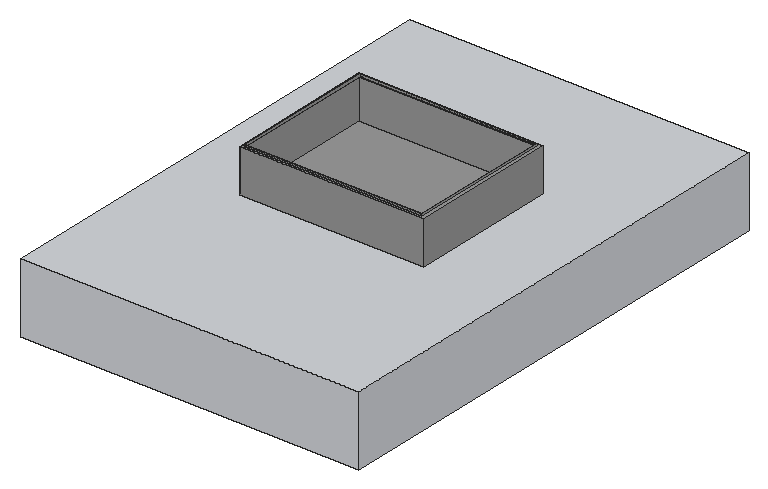
Revit family "Hager-Univers-IP30-D205-H650-Cl.II-Encl-CH-de", category Equipement électrique, Revit 2020
Family settings
  Hôte = Face
  Configuration du panneau = Deux colonnes, circuits au sein
  Cote de connecteur circulaire = Utiliser le diamètre
  Type d'élément = Tableau de raccordement
  Couper avec des vides une fois chargée = Non
  Partagée = Non
  Point de calcul de pièce = Non
Parameters (values of type "Aufputz IP30 B800 H650 T205  - FP43Q1S")
  Width Control [instance] = if([EF000008 - Breite] > Min Width, [EF000008 - Breite], Min Width)  # 800 mm
  Commentaires du type = [HG000003 - Bereich]  # "Univers"
  Thickness Door [instance] = if([EF009171 - Materialstärke Tür/Deckel] > 3 mm, 3 mm, [EF009171 - Materialstärke Tür/Deckel])  # 1 mm
  Seal Frame Offset [instance] = 17 mm  # constant formula
  Plinth Visibility [instance] = [HG000027 - Sockelhöhe] > 0 mm  # no
  Model = ""
  Min Width [instance] = 100 mm  # constant formula
  Min Height [instance] = 100 mm  # constant formula
  Min Depth [instance] = (2 * [EF009170 - Materialstärke Gehäuse]) + 1 mm  # 3 mm
  Internal Frame Depth [instance] = (Door System Depth * 0.5)  # 9 mm
  Height Control [instance] = if([EF000040 - Höhe] > Min Height, [EF000040 - Höhe], Min Height)  # 650 mm
  HG000027 - Sockelhöhe = 0 mm
  HG000026 - Stehend auf dem Boden = no
  HG000024 - Höhe des unteren Teils = 800 mm
  HG000023 - Gehäuse mit doppeltem Querschnitt = no
  HG000016 - 3D-Türsichtbarkeit [instance] = yes
  HG000015 - Sichtbarkeit der Türöffnung [instance] = no
  HG000014 - Tür rechts [instance] = yes
  HG000013 - Tür links [instance] = not([HG000014 - Tür rechts])  # no
  HG000012 - Türschwenkwinkel [instance] = 30.00°
  HG000010 - Asymmetrische Türen = no
  HG000009 - Doppelflügeligen Tür = no
  HG000006 - Unterputz = no
  HG000004 - Herstellerreferenz = "FP43Q1S"
  HG000003 - Bereich = "Univers"
  HG000002 - Mit tür = no
  Frame Offset Bottom [instance] = 10 mm  # constant formula
  Frame Offset [instance] = 15 mm  # constant formula
  EF015940 - Deckel mit Überdruckentlastung = no
  EF011959 - Schutzart (NEMA) = ""
  EF009554 - Anzahl der Öffnungen für Flanschplatten = 6
  Fabricant = "Hager"  # constant formula
  EF009212 - Ausführung Deckel = "EV009916 - mit Ausschnitt"
  EF009171 - Materialstärke Tür/Deckel = 1 mm
  EF009170 - Materialstärke Gehäuse = 1 mm
  EF008873 - Nennstrom (In) = 250 A
  EF007800 - Geeignet für Blitzschutz = no
  EF006306 - Mit Schloss = no
  EF006244 - Transparenter Deckel/Tür = no
  EF005474 - Schutzart (IP) = "EV006410 - IP30"
  EF004464 - Art der Tür = "EV000494 - ohne"
  EF004427 - Anzahl der Module = 144
  EF004293 - Schlagfestigkeit = "EV006813 - IK07"
  EF003532 - Geeignet für Außengebrauch = no
  EF002950 - Breite in Teilungseinheiten = 36
  EF001613 - Funktionserhalt = "EV000494 - ohne"
  EF001596 - Werkstoff des Gehäuses = "EV000179 - Stahl"
  EF001131 - Innentiefe = 130 mm
  EF001088 - Anbaumöglichkeit = yes
  EF000437 - Anzahl der Leitungseinführungen = 6
  EF000339 - Art der Abdeckung = "EV000494 - ohne"
  EF000266 - Anzahl der Reihen = 4
  EF000218 - Einbautiefe = 0 mm
  EF000118 - Mit Montageplatte = no
  EF000116 - RAL-Nummer = "9010"
  EF000049 - Tiefe = 205 mm
  EF000040 - Höhe = 650 mm
  EF000008 - Breite = 800 mm
  EF000007 - Farbe = "EV000202 - weiß"
  EF000003 - Montageart = "EV000384 - Aufputz"
  Door System Leaf Tolerance [instance] = 1.5 mm  # constant formula
  Door System Depth [instance] = 18 mm  # constant formula
  Door Height [instance] = Height Control - [HG000027 - Sockelhöhe]  # 650 mm
  Depth Control [instance] = if([EF000049 - Tiefe] > Min Depth, [EF000049 - Tiefe], Min Depth)  # 205 mm
  Default Elevation = 0 mm
  Connector Offset [instance] = Height Control / 2  # 325 mm
  Bottom Top Plate Trim [instance] = 1.5 mm  # constant formula
  Plinth height Ctrl [instance] = if([HG000027 - Sockelhöhe] > 0 mm, [HG000027 - Sockelhöhe], 12 mm)  # 12 mm
Types (5, lengths in mm): name | Width Control | HG000004 - Herstellerreferenz | EF009554 - Anzahl der Öffnungen für Flanschplatten | EF004427 - Anzahl der Module | EF002950 - Breite in Teilungseinheiten | EF000437 - Anzahl der Leitungseinführungen | EF000008 - Breite
  Aufputz IP30 B1050 H650 T205  - FP44Q1S | 1050 | "FP44Q1S" | 8 | 192 | 48 | 8 | 1050
  Aufputz IP30 B1300 H650 T205  - FP45Q1S | 1300 | "FP45Q1S" | 10 | 240 | 60 | 10 | 1300
  Aufputz IP30 B300 H650 T205  - FP41Q1S | 300 | "FP41Q1S" | 2 | 48 | 12 | 2 | 300
  Aufputz IP30 B550 H650 T205  - FP42Q1S | 550 | "FP42Q1S" | 4 | 96 | 24 | 4 | 550
  Aufputz IP30 B800 H650 T205  - FP43Q1S | 800 | "FP43Q1S" | 6 | 144 | 36 | 6 | 800
Reference planes
  plane 1 "Center (Front/Back)": y = 0
  plane 2: z = 0
  plane 3 "Center (Left/Right)": x = 0
  plane 4: z = 205
  plane 5: y = 1
  plane 6: y = 325
  plane 7: y = 0
  plane 8: y = 650
  plane 9: z = 0
  plane 10: x = -385
  plane 11: x = 385
  plane 12: x = 384
  plane 13: x = -384
  plane 14: y = 649
  plane 15: x = -383
  plane 16: x = -400
  plane 17: x = 383
  plane 18: x = 400
  plane 19: x = 399
  plane 20: x = -399
  plane 21: y = 11
  plane 22: y = 650
  plane 23: y = 634
  plane 24: z = 187
  plane 25: z = 1
  plane 26: z = 186
  plane 27: z = 204
Forms (mm)
  Extrusion 1, solid
    sketch origin (0, 0, 0) x (1, 0, 0) y (0, 1, 0)
      loop
        line (-702.964, 1305) -> (-702.964, -811.445) -> (766.763, -811.445) -> (766.763, 1305) -> (-702.964, 1305)
    from 0 to -304.8
  Extrusion 2, solid, material "Hager_Steel_RAL7035_Light_Grey", visible <- "Plinth Visibility", detail levels medium+fine
    sketch origin (0, 0, 0) x (1, 0, 0) y (0, 1, 0)
      loop
        line (-400, 0) -> (400, 0) -> (400, 12) -> (-400, 12) -> (-400, 0)
    from 0 to 187
  Extrusion 3, solid, material "Hager_Steel_RAL7035_Light_Grey", detail levels medium+fine
    sketch origin (0, 0, 0) x (1, 0, 0) y (0, 1, 0)
      loop
        line (-400, 0) -> (400, 0) -> (400, 650) -> (-400, 650) -> (-400, 0)
    from 0 to 187
  Extrusion 4, void
    sketch origin (0, 0, 0) x (1, 0, 0) y (0, 1, 0)
      loop
        line (-399, 1) -> (399, 1) -> (399, 649) -> (-399, 649) -> (-399, 1)
    from 1 to 186
  Extrusion 5, void
    sketch origin (-381.607, -4572, 187) x (0, -1, 0) y (-1, 0, 0)
      loop
        line (-4583, 2.393) -> (-5206, 2.393) -> (-5206, -765.607) -> (-4583, -765.607) -> (-4583, 2.393)
    from 0 to 1 <- "EF009170 - Materialstärke Gehäuse"
  Extrusion 6, solid, material "Hager_Steel_RAL7035_Light_Grey", detail levels fine
    sketch origin (0, 0, 187) x (1, 0, 0) y (0, 1, 0)
      loop
        line (-384, 634) -> (-384, 11) -> (384, 11) -> (384, 634) -> (-384, 634)
      loop
        line (-385, 10) -> (385, 10) -> (385, 635) -> (-385, 635) -> (-385, 10)
    from 0 to 9 <- "Internal Frame Depth"
  Extrusion 7, solid, material "Hager_Steel_RAL7035_Light_Grey", detail levels coarse
    sketch origin (0, 0, 0) x (1, 0, 0) y (0, 1, 0)
      loop
        line (-400, 0) -> (400, 0) -> (400, 650) -> (-400, 650) -> (-400, 0)
    from 0 to 205
  Sweep 8, void
    path in 3D
      loop
        line (-400, 12, 0) -> (400, 12, 0) -> (400, 12, 187) -> (-400, 12, 187) -> (-400, 12, 0)
    profile origin (-400, 12, 93.5) x (-1, 0, 0) y (0, -1, 0)
      loop
        line (0, 0) -> (0, 1.5) -> (-1.5, 1.5)
        arc (-1.5, 1.5) -> (-1.061, 0.439) -> (0, 0) r 1.5
Cuts and joins
  Extrusion 4, Extrusion 5 cuts Extrusion 3
  Sweep 8 cuts Extrusion 2
Lines and regions (mm)
  Masking region 1
    outline origin (0, 0, 0) x (1, 0, 0) y (0, 0, 1)
      loop
        line (-400, 205) -> (-400, 0) -> (400, 0) -> (400, 205) -> (-400, 205)
  Masking region 2, detail levels medium+fine
    outline origin (0, 140, 0) x (0, 1, 0) y (0, 0, 1)
      loop
        line (-140, 0) -> (510, 0) -> (510, 187) -> (-140, 187) -> (-140, 0)
  Masking region 3, not visible, detail levels medium+fine
    outline origin (0, 297.922, 0) x (0, 1, 0) y (0, 0, 1)
      loop
        line (38.578, 0) -> (78.578, 0) -> (78.578, 194)
        arc (78.578, 194) -> (75.649, 201.071) -> (68.578, 204) r 10
        line (68.578, 204) -> (38.578, 204) -> (38.578, 0)
  Masking region 4, detail levels coarse
    outline origin (0, 0, 180) x (0, 1, 0) y (0, 0, 1)
      loop
        line (0, -180) -> (650, -180) -> (650, 25) -> (0, 25) -> (0, -180)
  Masking region 5, visible <- "Plinth Visibility", detail levels medium+fine
    outline origin (0, 52.24, 12.345) x (0, 0, -1) y (0, 1, 0)
      loop
        line (10.845, -40.24) -> (-173.155, -40.24)
        arc (-173.155, -40.24) -> (-173.594, -41.301) -> (-174.655, -41.74) r 1.5
        line (-174.655, -41.74) -> (-174.655, -52.24) -> (12.345, -52.24) -> (12.345, -41.74)
        arc (12.345, -41.74) -> (11.285, -41.301) -> (10.845, -40.24) r 1.5
  Masking region 6, detail levels medium+fine
    outline origin (-381.607, -4572, 187) x (-1, 0, 0) y (0, -1, 0)
      loop
        line (18.393, -5222) -> (18.393, -4572) -> (-781.607, -4572) -> (-781.607, -5222) -> (18.393, -5222)
  Masking region 7, visible <- "Plinth Visibility", detail levels medium+fine
    outline origin (-381.607, -4727, 187) x (-1, 0, 0) y (0, -1, 0)
      loop
        arc (16.893, -4739) -> (17.332, -4737.939) -> (18.393, -4737.5) r 1.5
        line (18.393, -4737.5) -> (18.393, -4727) -> (-781.607, -4727) -> (-781.607, -4737.5)
        arc (-781.607, -4737.5) -> (-780.546, -4737.939) -> (-780.107, -4739) r 1.5
        line (-780.107, -4739) -> (16.893, -4739)
  Masking region 8, detail levels coarse
    outline origin (-442.548, -4669.526, 187) x (-1, 0, 0) y (0, -1, 0)
      loop
        line (-42.548, -5319.526) -> (-42.548, -4669.526) -> (-842.548, -4669.526) -> (-842.548, -5319.526) -> (-42.548, -5319.526)
  sketch lines
    curve 1: line (-400, 12, 187) -> (-400, 12, 0)
    curve 2: line (400, 12, 187) -> (-400, 12, 187)
    curve 3: line (400, 12, 187) -> (400, 12, 0)
    curve 4: line (-400, 12, 0) -> (400, 12, 0)
Dimensions and locks
  "Depth Control": plane 4 to Extrusion 1
  "HG000027 - Sockelhöhe": plane 1 "Center (Front/Back)" to plane 7
  "EF009170 - Materialstärke Gehäuse": plane 5 to plane 7
  locked: connector elem to plane 3 "Center (Left/Right)"
  equal spacing: plane 8, plane 6, plane 7
  locked: connector elem to plane 6
  "EF009170 - Materialstärke Gehäuse": plane 8 to plane 14
  "EF009170 - Materialstärke Gehäuse": plane 10 to plane 13
  "EF009170 - Materialstärke Gehäuse": plane 12 to plane 11
  "Frame Offset": plane 20 to plane 13
  "Frame Offset": plane 12 to plane 19
  "EF009170 - Materialstärke Gehäuse": plane 16 to plane 20
  "EF009170 - Materialstärke Gehäuse": plane 19 to plane 18
  "Seal Frame Offset": plane 16 to plane 15
  "Seal Frame Offset": plane 17 to plane 18
  "Frame Offset Bottom": plane 21 to plane 5
  "Frame Offset": plane 14 to plane 23
  equal spacing: plane 16, plane 3 "Center (Left/Right)", plane 18
  "Width Control": plane 16 to plane 18
  "EF009170 - Materialstärke Gehäuse": plane 4 to plane 27
  "EF009170 - Materialstärke Gehäuse": plane 24 to plane 26
  "EF009170 - Materialstärke Gehäuse": plane 25 to level
  "Door System Depth": plane 4 to plane 24
  "Height Control": plane 1 "Center (Front/Back)" to Extrusion 7 sketch curve
  "Height Control": Masking region 4 sketch curve to plane 1 "Center (Front/Back)"
  "Height Control": plane 1 "Center (Front/Back)" to plane 22
  "Bottom Top Plate Trim": profile plane to Sweep 8 sketch curve
  "Bottom Top Plate Trim": Sweep 8 sketch curve to profile plane
  "Plinth height Ctrl": plane 1 "Center (Front/Back)" to Extrusion 2 sketch curve
  "Plinth height Ctrl": Masking region 5 sketch curve to plane 1 "Center (Front/Back)"
  "Plinth height Ctrl": plane 1 "Center (Front/Back)" to Masking region 7 sketch curve
  "Thickness Door": Extrusion 6 sketch curve to Extrusion 6 sketch curve  (x3)
  "Thickness Door": cut or joined group of Extrusion 3, Extrusion 4, Extrusion 5 to Extrusion 6 sketch curve
  radius of Masking region 3 sketch curve = 10 mm
  "Bottom Top Plate Trim": radius of Masking region 5 sketch curve  (x2)
  "Bottom Top Plate Trim": radius of Sweep 8 sketch curve
  "Bottom Top Plate Trim": radius of Masking region 7 sketch curve  (x2)
  aligned and locked: plane 2 to Extrusion 1
  aligned and locked: level to Extrusion 1
  aligned and locked: level to Masking region 1 sketch curve
  aligned and locked: Masking region 1 sketch curve to plane 18
  aligned and locked: Masking region 1 sketch curve to plane 16
  aligned and locked: plane 7 to Masking region 2 sketch curve
  aligned and locked: level to Masking region 3 sketch curve
  aligned and locked: Masking region 3 sketch curve to plane 27
  aligned and locked: level to Masking region 2 sketch curve
  aligned and locked: plane 1 "Center (Front/Back)" to Extrusion 2 sketch curve
  aligned and locked: Extrusion 3 sketch curve to plane 7
  aligned and locked: plane 16 to Extrusion 3 sketch curve
  aligned and locked: plane 18 to Extrusion 3 sketch curve
  aligned and locked: plane 20 to Extrusion 4 sketch curve
  aligned and locked: plane 19 to Extrusion 4 sketch curve
  aligned and locked: Extrusion 4 sketch curve to plane 5
  aligned and locked: Extrusion 4 to plane 25
  aligned and locked: plane 26 to Extrusion 4
  aligned and locked: plane 24 to Extrusion 3
  aligned and locked: Extrusion 5 sketch curve to plane 21
  aligned and locked: Extrusion 5 sketch curve to plane 13
  aligned and locked: Extrusion 5 sketch curve to plane 12
  aligned and locked: plane 18 to Extrusion 7 sketch curve
  aligned and locked: plane 1 "Center (Front/Back)" to Extrusion 7 sketch curve
  aligned and locked: plane 16 to Extrusion 7 sketch curve
  aligned and locked: plane 4 to Extrusion 7
  aligned and locked: Extrusion 7 to level
  aligned and locked: level to Masking region 4 sketch curve
  aligned and locked: Masking region 4 sketch curve to plane 1 "Center (Front/Back)"
  aligned and locked: Masking region 4 sketch curve to plane 4
  aligned and locked: nested 1 to level
  aligned and locked: nested 1 to plane 16
  aligned and locked: plane 8 to Extrusion 3 sketch curve
  aligned and locked: plane 23 to Extrusion 5 sketch curve
  aligned and locked: plane 14 to Extrusion 4 sketch curve
  aligned and locked: Masking region 2 sketch curve to plane 8
  aligned and locked: level to Masking region 5 sketch curve
  aligned and locked: plane 16 to Extrusion 2 sketch curve
  aligned and locked: plane 18 to Extrusion 2 sketch curve
  aligned and locked: Masking region 5 sketch curve to plane 24
  aligned and locked: Masking region 2 sketch curve to plane 24
  aligned and locked: plane 24 to Extrusion 2
  aligned and locked: profile plane to Sweep 8 sketch curve  (x2)
  aligned and locked: Masking region 6 sketch curve to plane 18
  aligned and locked: Masking region 6 sketch curve to plane 22
  aligned and locked: Masking region 6 sketch curve to plane 16
  aligned and locked: plane 8 to plane 22
  aligned and locked: Masking region 6 sketch curve to plane 7
  aligned and locked: Masking region 7 sketch curve to plane 16
  aligned and locked: Masking region 7 sketch curve to plane 1 "Center (Front/Back)"
  aligned and locked: Masking region 7 sketch curve to plane 18
  aligned and locked: Masking region 8 sketch curve to plane 1 "Center (Front/Back)"
  aligned and locked: Masking region 8 sketch curve to plane 18
  aligned and locked: Masking region 8 sketch curve to plane 22
  aligned and locked: Masking region 8 sketch curve to plane 16
  aligned and locked: nested 2 to plane 7
  aligned and locked: plane 3 "Center (Left/Right)" to nested 2
  aligned and locked: nested 2 to plane 24
  aligned and locked: Extrusion 6 sketch curve to cut or joined group of Extrusion 3, Extrusion 4, Extrusion 5  (x4)
Automatic sketch dimensions
  Extrusion 1 sketch curve to Extrusion 1 sketch curve = 1469.727 mm
  Extrusion 1 sketch curve to Extrusion 1 sketch curve = 2116.445 mm
  Masking region 1 sketch curve to plane 4 = 0 mm
  plane 6 to Masking region 3 sketch curve = 11.5 mm
  Masking region 3 sketch curve to Masking region 3 sketch curve = 30 mm
  Masking region 5 sketch curve to plane 1 "Center (Front/Back)" = 0 mm
Nested families
  nested 1: "Hager_Enclosure_Symbol" at (-400, 0, 0) x (1, 0, 0) z (0, -1, 0), Height <- "Depth Control", Width <- "Width Control", type "Hager_Enclosure_Symbol"
    with Width_Ctrl 800 mm, Width 800 mm, Height_Ctrl 205 mm, Height 205 mm, A_Width_Int 13.453 mm, A_Width 161.438 mm, A_Height_Ctrl 179.375 mm, A_Height 179.375 mm
  nested 2: "EC000058_Univers_Door" at (0, 0, 187) x (1, 0, 0) z (0, 1, 0), Leaf_Tolerance <- "Door System Leaf Tolerance", Angle <- "HG000012 - Türschwenkwinkel", Door_Depth <- "Door System Depth", Door_Left <- "HG000013 - Tür links", Transparent <- "EF006244 - Transparenter Deckel/Tür", Assymetrical <- "HG000010 - Asymmetrische Türen", Width <- "Width Control", Clearance <- "HG000015 - Sichtbarkeit der Türöffnung", Double <- "HG000009 - Doppelflügeligen Tür", 3d_Door <- "HG000016 - 3D-Türsichtbarkeit", Lock_Visibility <- "EF006306 - Mit Schloss", Width_Ctrl <- "Width Control", Door_Right <- "HG000014 - Tür rechts", Door <- "HG000002 - Mit tür", Height <- "Door Height", Thickness <- "Thickness Door", type "EC000058_Univers_Door", detail levels medium+fine
    with min_wh 3 mm, Width_Ctrl 800 mm, Width 800 mm, Transparent no, Thickness 1 mm, Seal_Material Hager_Rubber, Lock_Visibility no, Lock_Material Hager_Plastic_RAL9005_Jet_Black, Leaf_Width 800 mm, Leaf_Tolerance_External_Sides 0 mm, Leaf_Tolerance 1.5 mm, Leaf_Offset 0 mm, Leaf_Height 647 mm, Leaf_2_Width 800 mm, Leaf_2_Offset 400 mm, Leaf_1_Width 800 mm, Leaf_1_Offset 400 mm, Height_Ctrl 650 mm, Height 650 mm, Glass_Material Hager_Glass, Double_Clearance_Ctrl no, Double no, Door_Right_Ctrl no, Door_Right yes, Door_Material Hager_Steel_RAL7035_Light_Grey, Door_Left_Ctrl no, Door_Left no, Door_Depth 18 mm, Door no, Clearance_Material Hager_Clearance, Clearance_Depth 800 mm, Clearance_Ctrl no, Clearance no, Assymetrical no, Angle 30.00°, 3d_Door yes
Connectors
  electrical at (0, 325, 0)
    settings: on plane 9, index 1, voltage 0 V, apparent load 0 VA, apparent load phase1 0 VA, apparent load phase2 0 VA, apparent load phase3 0 VA, power factor 1, load classification "Other", number of poles 1, system type 30, power factor state 1, is connector primary yes, connector utility no, sub classification motor no, connector description ""
Definition of nested family "Hager_Enclosure_Symbol"
  Parameters (values of type "Hager_Enclosure_Symbol")
    Width_Ctrl [instance] = if(Width > 1 mm, Width, 1 mm)  # 102.27 mm
    Width [instance] = 102.27 mm
    Height_Ctrl [instance] = if(Height > 1 mm, Height, 1 mm)  # 66.5 mm
    A_Width_Int [instance] = if(A_Width / 12 > 2 mm, A_Width / 12, 2 mm)  # 4.364 mm
    A_Width [instance] = if(A_Height_Ctrl * 0.9 > 2 mm, A_Height_Ctrl * 0.9, 2 mm)  # 52.369 mm
    A_Height_Ctrl [instance] = if(A_Height > 2 mm, A_Height, 2 mm)  # 58.188 mm
    Height [instance] = 66.5 mm
    A_Height [instance] = Height - (Height / 8)  # 58.188 mm
  Reference planes
    plane 1 "Centre (avant/arrière)": y = 0
    plane 2: z = 0
    plane 3 "Centre (gauche/droite)": x = 0
    plane 4: x = 52.369
    plane 5: y = 33.042
    plane 6: y = 41.77
    plane 7: y = 66.5
    plane 8: x = 26.184
    plane 9: y = 37.406
    plane 10: x = 102.27
    plane 11: y = 66.5
    plane 12: y = 8.313
  Lines and regions (mm)
    Filled region 1, type "Solid_Black", in view "Niveau de réf."
      outline origin (0, 0, 0) x (1, 0, 0) y (0, 1, 0)
        loop
          line (52.369, 66.5) -> (33.188, 54.536) -> (45.365, 45.006) -> (52.369, 66.5)
    Filled region 2, type "Solid_Black", in view "Niveau de réf."
      outline origin (0, 0, 0) x (1, 0, 0) y (0, 1, 0)
        loop
          line (0, 0) -> (102.27, 0) -> (102.27, 66.5) -> (0, 0)
    detail lines, in view "Niveau de réf."
      curve 1: line (0, 8.313, 0) -> (26.184, 41.77, 0)
      curve 2: line (26.184, 41.77, 0) -> (26.184, 33.042, 0)
      curve 3: line (26.184, 33.042, 0) -> (52.369, 66.5, 0)
  Dimensions and locks
    "A_Width": plane 3 "Centre (gauche/droite)" to plane 4
    equal spacing: plane 3 "Centre (gauche/droite)", plane 8, plane 4
    equal spacing: plane 6, plane 9, plane 5
    equal spacing: curve 3, Filled region 1 sketch curve, Filled region 1 sketch curve
    "Height_Ctrl": plane 1 "Centre (avant/arrière)" to plane 11
    "A_Height_Ctrl": plane 11 to plane 12
    equal spacing: plane 11, plane 9, plane 12
    "A_Width_Int": plane 6 to plane 9
    "Width_Ctrl": plane 3 "Centre (gauche/droite)" to plane 10
    angle Filled region 1 sketch curve to curve 3 = 20.00°
    angle curve 3 to Filled region 1 sketch curve = 20.00°
    locked: curve 3 to Filled region 1 sketch curve (angle 90.00°)
    aligned and locked: plane 10 to Filled region 2
    aligned and locked: plane 11 to Filled region 2 sketch curve
    aligned and locked: plane 10 to Filled region 2 sketch curve
    aligned and locked: plane 3 "Centre (gauche/droite)" to curve 1
    aligned and locked: plane 12 to curve 1
    aligned and locked: plane 7 to plane 11
  Automatic sketch dimensions
    Filled region 1 sketch curve to plane 4 = 0 mm
    Filled region 1 sketch curve to plane 7 = 0 mm
    plane 1 "Centre (avant/arrière)" to Filled region 2 sketch curve = 0 mm
    Filled region 2 sketch curve to plane 3 "Centre (gauche/droite)" = 0 mm
    curve 2 to plane 6 = 0 mm
    curve 2 to plane 8 = 0 mm
    curve 3 to plane 4 = 0 mm
    curve 2 to plane 5 = 0 mm
    curve 3 to plane 7 = 0 mm
Definition of nested family "EC000058_Univers_Door"
  Parameters (values of type "EC000058_Univers_Door")
    min_wh [instance] = (2 * Thickness) + 1 mm  # 11 mm
    Width_Ctrl [instance] = 400 mm
    Width [instance] = 500 mm
    Transparent [instance] = yes
    Thickness [instance] = 5 mm
    Seal_Material [instance] = none
    Lock_Visibility [instance] = yes
    Lock_Material [instance] = none
    Leaf_Width [instance] = if((Width_Ctrl - 2 * Leaf_Tolerance_External_Sides) > 0 mm, (Width_Ctrl - 2 * Leaf_Tolerance_External_Sides), min_wh)  # 400 mm
    Leaf_Tolerance_External_Sides [instance] = 0 mm  # constant formula
    Leaf_Tolerance [instance] = 1.5 mm
    Leaf_Offset [instance] = 0 mm  # constant formula
    Leaf_Height [instance] = if((Height_Ctrl - 2 * Leaf_Tolerance) > 0 mm, (Height_Ctrl - 2 * Leaf_Tolerance), min_wh)  # 497 mm
    Leaf_2_Width [instance] = if(and(and(Double, Assymetrical), Door_Left), (Leaf_Width / 3) - (Leaf_Tolerance / 2), if(and(and(Double, Assymetrical), Door_Right), (Leaf_Width / 3) * 2 - (Leaf_Tolerance / 2), if(and(Double, not(Assymetrical)), (Leaf_Width / 2) - Leaf_Tolerance, Leaf_Width)))  # 400 mm
    Leaf_2_Offset [instance] = if(and(Double, Assymetrical), Leaf_2_Width / 2, if(and(Double, not(Assymetrical)), Leaf_Width / 4, Leaf_Width / 2))  # 200 mm
    Leaf_1_Width [instance] = if(and(and(Double, Assymetrical), Door_Right), (Leaf_Width / 3) - (Leaf_Tolerance / 2), if(and(and(Double, Assymetrical), Door_Left), (Width / 3) * 2 - (Leaf_Tolerance / 2), if(and(Double, not(Assymetrical)), (Leaf_Width / 2) - Leaf_Tolerance, Leaf_Width)))  # 400 mm
    Leaf_1_Offset [instance] = if(and(Double, Assymetrical), Leaf_1_Width / 2, if(and(Double, not(Assymetrical)), Leaf_Width / 4, Leaf_Width / 2))  # 200 mm
    Height_Ctrl [instance] = if(Height > min_wh, Height, min_wh)  # 500 mm
    Height [instance] = 500 mm
    Glass_Material [instance] = none
    Double_Clearance_Ctrl [instance] = and(Double, Clearance)  # no
    Double [instance] = no
    Door_Right_Ctrl [instance] = and(or(Door_Right, Double), Door)  # yes
    Door_Right [instance] = yes
    Door_Material [instance] = none
    Door_Left_Ctrl [instance] = and(or(Door_Left, Double), Door)  # no
    Door_Left [instance] = no
    Door_Depth [instance] = 30 mm
    Door [instance] = yes
    Default Elevation = 1219.2 mm
    Clearance_Material [instance] = none
    Clearance_Depth [instance] = if(Leaf_1_Width > Leaf_2_Width, Leaf_1_Width, Leaf_2_Width)  # 400 mm
    Clearance_Ctrl [instance] = and(not(Double), Clearance)  # yes
    Clearance [instance] = yes
    Assymetrical [instance] = yes
    Angle [instance] = 30.00°
    3d_Door [instance] = yes
  Reference planes
    plane 1 "Center (Front/Back)": y = 0
    plane 2 "Bottom": z = 0
    plane 3 "Center (Left/Right)": x = 0
    plane 4: z = 500
    plane 5: x = -200
    plane 6: x = 200
    plane 7: z = 500
    plane 8: x = -200
    plane 9: z = 0
    plane 10: x = 200
    plane 11: y = 0
    plane 12: z = 1.5
    plane 13: x = -600
    plane 14: y = -400
    plane 15: x = 600
    plane 16: x = 0
    plane 17: x = 0
    plane 18: x = -200
    plane 19: x = 200
    plane 20: z = 498.5
  Forms (mm)
    Extrusion 1, solid, material <- "Clearance_Material", visible <- "Double_Clearance_Ctrl"
      sketch origin (1200, 0, 0) x (1, 0, 0) y (0, 0, -1)
        loop
          line (-1800, -498.5) -> (-600, -498.5) -> (-600, 0) -> (-1800, 0) -> (-1800, -498.5)
      from 0 to -400
  Dimensions and locks
    equal spacing: plane 5, plane 3 "Center (Left/Right)", plane 6
    "Width_Ctrl": plane 5 to plane 6
    "Leaf_Offset": plane 5 to plane 8
    "Leaf_Offset": plane 6 to plane 10
    "Leaf_Offset": plane 9 to level
    "Leaf_Offset": plane 4 to plane 7
    "Height_Ctrl": plane 4 to level
    "Leaf_Tolerance": plane 12 to plane 9
    locked: plane 11 to plane 1 "Center (Front/Back)"
    "Leaf_1_Offset": plane 18 to plane 16
    "Leaf_2_Offset": plane 17 to plane 19
    "Leaf_1_Width": plane 13 to plane 8
    "Leaf_2_Width": plane 10 to plane 15
    "Clearance_Depth": plane 14 to plane 1 "Center (Front/Back)"
    "Leaf_Tolerance_External_Sides": plane 8 to plane 18
    "Leaf_Tolerance_External_Sides": plane 19 to plane 10
    "Leaf_Tolerance": plane 7 to plane 20
    aligned and locked: level to plane 2 "Bottom"
    aligned and locked: nested 1 to plane 16
    aligned and locked: nested 2 to plane 17
    aligned and locked: Extrusion 1 to plane 13
    aligned and locked: plane 15 to Extrusion 1
    aligned and locked: Extrusion 1 to plane 14
    aligned and locked: plane 12 to nested 1
    aligned and locked: nested 2 to plane 12
    aligned and locked: Extrusion 1 to plane 11
    aligned and locked: plane 20 to Extrusion 1
    aligned and locked: nested 2 to plane 11
    aligned and locked: nested 1 to plane 11
  Automatic sketch dimensions
    Extrusion 1 sketch curve to level = 0 mm
    plane 5 to Extrusion 1 sketch curve = 400 mm
    plane 6 to Extrusion 1 sketch curve = 400 mm
    Extrusion 1 sketch curve to plane 4 = 1.5 mm
  Nested families
    nested 1: "EC000058_Univers_Door_Leaf" at (0, 0, 1.5), Width <- "Leaf_1_Width", visible <- "Door_Left_Ctrl", Leaf_Height <- "Leaf_Height", Angle <- "Angle", 3d_Door <- "3d_Door", Transparent <- "Transparent", Clearance Material <- "Clearance_Material", Clearance <- "Clearance_Ctrl", Door_Material <- "Door_Material", Glass_Material <- "Glass_Material", Door_Depth <- "Door_Depth", Lock_Material <- "Lock_Material", Seal_Material <- "Seal_Material", Lock_Visibility <- "Lock_Visibility", Thickness <- "Thickness", type "EC000058_Univers_Door_Leaf"
      with Width 400 mm, Transparent_Glass_Offset 30 mm, Transparent_Ctrl yes, Transparent yes, Thickness 5 mm, Standard no, Seal_Material none, Seal_D2 8 mm, Seal_D1 1 mm, Offset_Internal_Frame 10 mm, Lock_Width 20 mm, Lock_Visibility_3d yes, Lock_Visibility yes, Lock_Thickness_3 3 mm, Lock_Thickness_2 1 mm, Lock_Thickness_1 3 mm, Lock_Radius_Offset_2 16 mm, Lock_Radius_Offset_1 15 mm, Lock_Radius_2 5 mm, Lock_Radius 6 mm, Lock_Offset 5 mm, Lock_Material none, Lock_Height 80 mm, Lock_Cover_Top_Offset_2d 17 mm, Lock_Cover_Height -65 mm, Leaf_Height 497 mm, Internal_Seal_Thickness 8 mm, Internal_Seal_Depth_2 4.5 mm, Internal_Frame_Depth 25 mm, Glass_Thickness -1 mm, Glass_Offset -2 mm, Glass_Material none, Door_Material none, Door_Depth 30 mm, Clearance Material none, Clearance yes, Angle_Ctrl 30.00°, Angle 30.00°, 3d_Door yes
    nested 2: "EC000058_Univers_Door_Leaf" at (0, 0, 1.5) x (-1, 0, 0) z (0, 0, 1), Width <- "Leaf_2_Width", visible <- "Door_Right_Ctrl", Leaf_Height <- "Leaf_Height", Angle <- "Angle", 3d_Door <- "3d_Door", Transparent <- "Transparent", Clearance Material <- "Clearance_Material", Clearance <- "Clearance_Ctrl", Door_Material <- "Door_Material", Glass_Material <- "Glass_Material", Door_Depth <- "Door_Depth", Lock_Material <- "Lock_Material", Seal_Material <- "Seal_Material", Lock_Visibility <- "Lock_Visibility", Thickness <- "Thickness", type "EC000058_Univers_Door_Leaf"
      with Width 400 mm, Transparent_Glass_Offset 30 mm, Transparent_Ctrl yes, Transparent yes, Thickness 5 mm, Standard no, Seal_Material none, Seal_D2 8 mm, Seal_D1 1 mm, Offset_Internal_Frame 10 mm, Lock_Width 20 mm, Lock_Visibility_3d yes, Lock_Visibility yes, Lock_Thickness_3 3 mm, Lock_Thickness_2 1 mm, Lock_Thickness_1 3 mm, Lock_Radius_Offset_2 16 mm, Lock_Radius_Offset_1 15 mm, Lock_Radius_2 5 mm, Lock_Radius 6 mm, Lock_Offset 5 mm, Lock_Material none, Lock_Height 80 mm, Lock_Cover_Top_Offset_2d 17 mm, Lock_Cover_Height -65 mm, Leaf_Height 497 mm, Internal_Seal_Thickness 8 mm, Internal_Seal_Depth_2 4.5 mm, Internal_Frame_Depth 25 mm, Glass_Thickness -1 mm, Glass_Offset -2 mm, Glass_Material none, Door_Material none, Door_Depth 30 mm, Clearance Material none, Clearance yes, Angle_Ctrl 30.00°, Angle 30.00°, 3d_Door yes
  Definition of nested family "EC000058_Univers_Door_Leaf"
    Parameters (values of type "EC000058_Univers_Door_Leaf")
      Width [instance] = 2000 mm
      Transparent_Glass_Offset [instance] = 30 mm
      Transparent_Ctrl [instance] = and(Transparent, [3d_Door])  # yes
      Transparent [instance] = yes
      Thickness [instance] = 5 mm
      Standard [instance] = and(not(Transparent), [3d_Door])  # no
      Seal_Material [instance] = none
      Seal_D2 [instance] = 8 mm  # constant formula
      Seal_D1 [instance] = 1 mm  # constant formula
      Offset_Internal_Frame [instance] = 10 mm  # constant formula
      Lock_Width [instance] = 20 mm  # constant formula
      Lock_Visibility_3d [instance] = and(Lock_Visibility, [3d_Door])  # yes
      Lock_Visibility [instance] = yes
      Lock_Thickness_3 [instance] = 3 mm  # constant formula
      Lock_Thickness_2 [instance] = 1 mm  # constant formula
      Lock_Thickness_1 [instance] = 3 mm  # constant formula
      Lock_Radius_Offset_2 [instance] = Lock_Radius_Offset_1 + 1 mm  # 16 mm
      Lock_Radius_Offset_1 [instance] = 15 mm  # constant formula
      Lock_Radius_2 [instance] = Lock_Radius - 1 mm  # 5 mm
      Lock_Radius [instance] = 6 mm  # constant formula
      Lock_Offset [instance] = 5 mm  # constant formula
      Lock_Material [instance] = none
      Lock_Height [instance] = 80 mm  # constant formula
      Lock_Cover_Top_Offset_2d [instance] = Lock_Radius_Offset_2 + 1 mm  # 17 mm
      Lock_Cover_Height [instance] = -(Lock_Height - Lock_Radius_Offset_1)  # -65 mm
      Leaf_Height [instance] = 2720.336 mm
      Internal_Seal_Thickness [instance] = 8 mm  # constant formula
      Internal_Seal_Depth_2 [instance] = 4.5 mm  # constant formula
      Internal_Frame_Depth [instance] = if(Door_Depth - Thickness > 5 mm, Door_Depth - Thickness, 5 mm)  # 25 mm
      Glass_Thickness [instance] = if(Thickness > 15 mm, Glass_Offset + 10 mm, -1 mm)  # -1 mm
      Glass_Offset [instance] = if(Thickness > 15 mm, -(Thickness + 10 mm) / 2, -2 mm)  # -2 mm
      Glass_Material [instance] = none
      Door_Material [instance] = none
      Door_Depth [instance] = 30 mm
      Default Elevation = 0 mm
      Clearance Material [instance] = none
      Clearance [instance] = yes
      Angle_Ctrl [instance] = if(Angle > 180.00°, 180.00°, Angle)  # 90.00°
      Angle [instance] = 90.00°
      3d_Door [instance] = yes
    Reference planes
      plane 1 "Center (Front/Back)": y = 0
      plane 2: z = 0
      plane 3 "Center (Left/Right)": x = 0
      plane 4: y = 2000
      plane 5: x = -1000
      plane 6: x = 1000
      plane 7: x = -3000
      plane 8: z = 2720.336
      plane 9: z = 30
      plane 10: z = 2690.336
      plane 11: x = 970
      plane 12: x = -970
      plane 13: y = -3
      plane 14: z = 107.833
      plane 15: y = -5
      plane 16: y = -223.314
      plane 17: x = -1000
      plane 18: z = 1360.168
      plane 19: y = 30
    Forms (mm)
      Extrusion 1, solid, material <- "Clearance Material", visible <- "Clearance"
        sketch origin (0, 0, 0) x (1, 0, 0) y (0, 0, 1)
          loop
            line (-3000, 2720.336) -> (-3000, 0) -> (1000, 0) -> (1000, 2720.336) -> (-3000, 2720.336)
        from 0 to -2000
      Extrusion 2, solid, material <- "Door_Material", visible <- "Standard", detail levels medium+fine
        sketch origin (-1000, 0, 0) x (0, 1, 0) y (-1, 0, 0)
          loop
            line (0, 30) -> (0, 25) -> (2000, 25) -> (2000, 30) -> (0, 30)
        from 0 to 2720.336 <- "Leaf_Height"
      Extrusion 3, solid, material <- "Door_Material", visible <- "Transparent_Ctrl", detail levels medium+fine
        sketch origin (-1000, 0, 0) x (0, 1, 0) y (-1, 0, 0)
          loop
            line (0, 25) -> (2000, 25) -> (2000, 30) -> (0, 30) -> (0, 25)
        from 0 to 2720.336 <- "Leaf_Height"
      Extrusion 4, void
        sketch origin (-1025, 2000, 0) x (0, 1, 0) y (0, 0, -1)
          loop
            line (-30, -2690.336) -> (-30, -30) -> (-1970, -30) -> (-1970, -2690.336) -> (-30, -2690.336)
        from 0 to 5 <- "Thickness"
      Sweep 5, solid, material <- "Seal_Material", visible <- "Transparent_Ctrl", detail levels fine
        path in 3D
          loop
            line (-1025, 30, 30) -> (-1025, 30, 2690.336) -> (-1025, 1970, 2690.336) -> (-1025, 1970, 30) -> (-1025, 30, 30)
        profile origin (-1025, 1000, 30) x (1, 0, 0) y (0, 0, 1)
          loop
            line (0, 0) -> (0, -8) -> (1, -8) -> (1, 0) -> (0, 0)
      Extrusion 6, solid, material <- "Glass_Material", visible <- "Transparent_Ctrl", detail levels medium+fine
        sketch origin (-1030, 0, 0) x (0, 1, 0) y (0, 0, -1)
          loop
            line (1970, -2690.336) -> (1970, -30) -> (30, -30) -> (30, -2690.336) -> (1970, -2690.336)
        from -2 <- "Glass_Offset" to -1 <- "Glass_Thickness"
      Extrusion 7, solid, material <- "Door_Material", visible <- "3d_Door", detail levels medium+fine
        sketch origin (-1025, 2000, 0) x (0, -1, 0) y (0, 0, -1)
          loop
            line (0, -2720.336) -> (2000, -2720.336) -> (2000, 0) -> (0, 0) -> (0, -2720.336)
          loop
            line (1995, -5) -> (5, -5) -> (5, -2715.336) -> (1995, -2715.336) -> (1995, -5)
        from 0 to 25 <- "Internal_Frame_Depth"
      Sweep 8, solid, material <- "Seal_Material", visible <- "Transparent_Ctrl", detail levels fine
        path in 3D
          loop
            line (-1025, 0, 0) -> (-1025, 2000, 0) -> (-1025, 2000, 2720.336) -> (-1025, 0, 2720.336) -> (-1025, 0, 0)
        profile origin (-1025, 0, 1360.168) x (1, 0, 0) y (0, 1, 0)
          loop
            line (0, 10) -> (2.975, 10)
            arc (2.975, 10) -> (4.053, 10.447) -> (4.5, 11.525) r 1.525
            line (4.5, 11.525) -> (4.5, 16.527)
            arc (4.5, 16.527) -> (4.069, 17.569) -> (3.027, 18) r 1.473
            line (3.027, 18) -> (0, 18) -> (0, 10)
      Extrusion 9, solid, material <- "Lock_Material", visible <- "Lock_Visibility_3d", detail levels fine
        sketch origin (-1030, 0, 0) x (0, 1, 0) y (0, 0, -1)
          loop
            arc (1993.5, -1400.168) -> (1994.561, -1399.729) -> (1995, -1398.668) r 1.5
            line (1995, -1398.668) -> (1995, -1320.168) -> (1975, -1320.168) -> (1975, -1398.668)
            arc (1975, -1398.668) -> (1975.439, -1399.729) -> (1976.5, -1400.168) r 1.5
            line (1976.5, -1400.168) -> (1993.5, -1400.168)
        from 3 <- "Lock_Thickness_1" to 0
      Blend 10, solid, material <- "Lock_Material", visible <- "Lock_Visibility_3d", detail levels fine
        base sketch origin (-1033, 0, 0) x (0, 1, 0) y (0, 0, -1)
          loop
            line (1975, -1320.168) -> (1975, -1398.668)
            arc (1975, -1398.668) -> (1975.439, -1399.729) -> (1976.5, -1400.168) r 1.5
            line (1976.5, -1400.168) -> (1993.5, -1400.168)
            arc (1993.5, -1400.168) -> (1994.561, -1399.729) -> (1995, -1398.668) r 1.5
            line (1995, -1398.668) -> (1995, -1320.168) -> (1975, -1320.168)
        top sketch origin (-1033, 0, 0) x (0, 1, 0) y (0, 0, -1)
          loop
            line (1976, -1320.168) -> (1976, -1398.668)
            arc (1976, -1398.668) -> (1976.146, -1399.022) -> (1976.5, -1399.168) r 0.5
            line (1976.5, -1399.168) -> (1993.5, -1399.168)
            arc (1993.5, -1399.168) -> (1993.854, -1399.022) -> (1994, -1398.668) r 0.5
            line (1994, -1398.668) -> (1994, -1320.168) -> (1976, -1320.168)
        from 0 to 1 <- "Lock_Thickness_2"
      Blend 11, solid, material <- "Lock_Material", visible <- "Lock_Visibility_3d", detail levels fine
        base sketch origin (-1034, 0, 0) x (0, 1, 0) y (0, 0, -1)
          loop
            line (1978, -1320.168) -> (1978, -1384.168)
            arc (1978, -1384.168) -> (1985, -1391.168) -> (1992, -1384.168) r 7
            line (1992, -1384.168) -> (1992, -1320.168) -> (1978, -1320.168)
        top sketch origin (-1034, 0, 0) x (0, 1, 0) y (0, 0, -1)
          loop
            line (1991, -1320.168) -> (1979, -1320.168) -> (1979, -1383.168)
            arc (1979, -1383.168) -> (1985, -1389.168) -> (1991, -1383.168) r 6
            line (1991, -1383.168) -> (1991, -1320.168)
        from 0 to 3 <- "Lock_Thickness_3"
      Extrusion 12, solid, material <- "Lock_Material", visible <- "Lock_Visibility_3d", detail levels fine
        sketch origin (-1030, 1975, 1320.168) x (1, 0, 0) y (0, -1, 0)
          loop
            line (-7, -19) -> (-7, -1) -> (0, -1) -> (0, 0) -> (-8, 0) -> (-8, -20) -> (0, -20) -> (0, -19) -> (-7, -19)
        from 0 to -65 <- "Lock_Cover_Height"
      Extrusion 13, void
        sketch origin (-1038, 1995, 1320.168) x (-1, 0, 0) y (0, 0, -1)
          loop
            line (-5, -65) -> (0, -65) -> (-5, -60) -> (-5, -65)
        from 0 to 20 <- "Lock_Width"
      Extrusion 14, void
        sketch origin (-1038, 1975, 1320.168) x (0, -1, 0) y (0, 0, -1)
          loop
            circle (-10, -15.995) r 6
          loop
            circle (-10, -15.995) r 5
        from 0 to 2
      Extrusion 15, solid, material <- "Lock_Material", visible <- "Lock_Visibility_3d", detail levels medium
        sketch origin (-1030, 0, 0) x (0, 1, 0) y (0, 0, -1)
          loop
            arc (1993.5, -1400.168) -> (1994.561, -1399.729) -> (1995, -1398.668) r 1.5
            line (1995, -1398.668) -> (1995, -1320.168) -> (1975, -1320.168) -> (1975, -1398.668)
            arc (1975, -1398.668) -> (1975.439, -1399.729) -> (1976.5, -1400.168) r 1.5
            line (1976.5, -1400.168) -> (1993.5, -1400.168)
        from 8 to 0
    Cuts and joins
      Extrusion 4 cuts Extrusion 3
      Extrusion 13, Extrusion 14 cuts Extrusion 9
      Extrusion 14 cuts Blend 11
      Extrusion 13, Extrusion 14 cuts Extrusion 12
      joined: Extrusion 9, Blend 10, Blend 11, Extrusion 12
      Extrusion 14 cuts Extrusion 15
    Lines and regions (mm)
      Masking region 1, visible <- "Lock_Visibility", detail levels fine
        outline origin (0, 0, 0) x (0, 1, 0) y (0, 0, 1)
          loop
            line (30, 1320.168) -> (33, 1320.168) -> (33, 1400.168) -> (30, 1400.168) -> (30, 1320.168)
      Masking region 2, visible <- "Lock_Visibility", detail levels fine
        outline origin (0, 3.143, 0) x (0, 1, 0) y (0, 0, 1)
          loop
            line (29.857, 1354.168) -> (30.857, 1354.168) -> (30.857, 1366.168) -> (29.857, 1366.168) -> (29.857, 1354.168)
      Masking region 3, detail levels medium+fine
        outline origin (0, 0, 0) x (0, 1, 0) y (0, 0, 1)
          loop
            line (0, 0) -> (30, 0) -> (30, 2720.336) -> (0, 2720.336) -> (0, 0)
      Masking region 4, detail levels medium+fine
        outline origin (0, 0, 0) x (1, 0, 0) y (0, 0, 1)
          loop
            line (-1000, 2720.336) -> (-1000, 0) -> (1000, 0) -> (1000, 2720.336) -> (-1000, 2720.336)
      Masking region 5, visible <- "Lock_Visibility", detail levels fine
        outline origin (-47.116, 0, 0) x (1, 0, 0) y (0, 0, 1)
          loop
            arc (1024.616, 1399.168) -> (1023.556, 1398.729) -> (1023.116, 1397.668) r 1.5
            line (1023.116, 1397.668) -> (1023.116, 1320.168) -> (1041.116, 1320.168) -> (1041.116, 1397.668)
            arc (1041.116, 1397.668) -> (1040.677, 1398.729) -> (1039.616, 1399.168) r 1.5
            line (1039.616, 1399.168) -> (1024.616, 1399.168)
      Masking region 6, visible <- "Lock_Visibility", detail levels medium+fine
        outline origin (-25, 0, 0) x (1, 0, 0) y (0, 0, 1)
          loop
            arc (1001.5, 1400.168) -> (1000.439, 1399.729) -> (1000, 1398.668) r 1.5
            line (1000, 1398.668) -> (1000, 1320.168) -> (1020, 1320.168) -> (1020, 1398.668)
            arc (1020, 1398.668) -> (1019.561, 1399.729) -> (1018.5, 1400.168) r 1.5
            line (1018.5, 1400.168) -> (1001.5, 1400.168)
      Masking region 7, visible <- "Lock_Visibility", detail levels fine
        outline origin (-73.735, 0, 0) x (1, 0, 0) y (0, 0, 1)
          loop
            line (1051.735, 1382.168) -> (1065.735, 1382.168) -> (1065.735, 1384.168)
            arc (1065.735, 1384.168) -> (1058.735, 1391.168) -> (1051.735, 1384.168) r 7
            line (1051.735, 1384.168) -> (1051.735, 1382.168)
      Masking region 8, visible <- "Lock_Visibility", detail levels fine
        outline origin (-73.735, 0, 0) x (1, 0, 0) y (0, 0, 1)
          loop
            line (1052.735, 1382.168) -> (1064.735, 1382.168) -> (1064.735, 1383.168)
            arc (1064.735, 1383.168) -> (1058.735, 1389.168) -> (1052.735, 1383.168) r 6
            line (1052.735, 1383.168) -> (1052.735, 1382.168)
      Masking region 9, visible <- "Lock_Visibility", detail levels fine
        outline origin (-25, 0, 0) x (1, 0, 0) y (0, 0, 1)
          loop
            line (1020, 1320.168) -> (1020, 1382.168) -> (1000, 1382.168) -> (1000, 1320.168) -> (1020, 1320.168)
      Masking region 10, detail levels medium+fine
        outline origin (0, 0, 0) x (1, 0, 0) y (0, 0, 1)
          loop
            circle (985, 1335.144) r 6
      Masking region 11, detail levels fine
        outline origin (0, 0, 0) x (1, 0, 0) y (0, 0, 1)
          loop
            circle (985, 1335.144) r 5
      Masking region 12, visible <- "Lock_Visibility", detail levels fine
        outline origin (0, 12.767, 0) x (0, 1, 0) y (0, 0, 1)
          loop
            line (20.233, 1320.168) -> (21.233, 1320.168) -> (21.233, 1399.168) -> (20.233, 1400.168) -> (20.233, 1320.168)
      Masking region 13, visible <- "Lock_Visibility", detail levels fine
        outline origin (0, 13.767, -10) x (0, 1, 0) y (0, 0, 1)
          loop
            line (20.233, 1330.168) -> (23.233, 1330.168) -> (23.233, 1399.168) -> (20.233, 1402.168) -> (20.233, 1330.168)
      Masking region 14, visible <- "Lock_Visibility", detail levels fine
        outline origin (0, 12.767, -10) x (0, 1, 0) y (0, 0, 1)
          loop
            line (20.233, 1330.168) -> (25.233, 1330.168) -> (25.233, 1399.305) -> (20.233, 1394.305) -> (20.233, 1330.168)
      Masking region 15, visible <- "Lock_Visibility", detail levels medium
        outline origin (0, 0, 0) x (0, 1, 0) y (0, 0, 1)
          loop
            line (30, 1320.168) -> (38, 1320.168) -> (38, 1400.168) -> (30, 1400.168) -> (30, 1320.168)
      Masking region 16, visible <- "Lock_Visibility", detail levels fine
        outline origin (-1000, 0, 0) x (0, 1, 0) y (-1, 0, 0)
          loop
            line (1975, 30) -> (1995, 30) -> (1995, 38) -> (1975, 38) -> (1975, 30)
          loop
            line (1979, 37) -> (1976, 37) -> (1976, 34) -> (1978, 34) -> (1979, 37)
          loop
            line (1994, 37) -> (1991, 37) -> (1992, 34) -> (1994, 34) -> (1994, 37)
      Masking region 17, visible <- "Lock_Visibility", detail levels medium
        outline origin (-1000, 0, 0) x (0, 1, 0) y (-1, 0, 0)
          loop
            line (1975, 30) -> (1995, 30) -> (1995, 38) -> (1975, 38) -> (1975, 30)
      symbolic lines
        curve 1: line (1000, 0, 0) -> (-3000, 0, 0)
        curve 2: arc (1000, 0, 0) -> (-1000, 2000, 0) -> (-3000, 0, 0) r 2000
        curve 4: line (-1030, 0, 0) -> (-1030, 2000, 0)
      reference lines
        curve 3: line (-1000, 0, 0) -> (-1000, 2000, 0)
      symbolic lines, detail levels medium+fine
        curve 5: line (-1030, 2000, 0) -> (-1025, 2000, 0)
        curve 7: line (-1025, 0, 0) -> (-1030, 0, 0)
        curve 8: line (-1025, 0, 0) -> (-1000, 0, 0)
        curve 9: line (-1000, 0, 0) -> (-1000, 2000, 0)
        curve 10: line (-1000, 2000, 0) -> (-1025, 2000, 0)
      symbolic lines, detail levels fine
        curve 6: line (-1025, 2000, 0) -> (-1025, 0, 0)
      sketch lines
        curve 11: line (-1025, 0, 2720.336) -> (-1025, 0, 0)
        curve 12: line (-1025, 2000, 0) -> (-1025, 0, 0)
        curve 13: line (-1025, 2000, 2720.336) -> (-1025, 2000, 0)
        curve 14: line (-1025, 0, 2720.336) -> (-1025, 2000, 2720.336)
        curve 15: line (-1025, 1970, 30) -> (-1025, 30, 30)
        curve 16: line (-1025, 30, 30) -> (-1025, 30, 2690.336)
        curve 17: line (-1025, 1970, 2690.336) -> (-1025, 1970, 30)
        curve 18: line (-1025, 30, 2690.336) -> (-1025, 1970, 2690.336)
      symbolic lines, visible <- "Transparent", detail levels medium+fine
        curve 19: line (-970, 0, 2690.336) -> (970, 0, 2690.336)
        curve 20: line (-970, 0, 30) -> (-970, 0, 2690.336)
        curve 21: line (970, 0, 30) -> (-970, 0, 30)
        curve 22: line (970, 0, 2690.336) -> (970, 0, 30)
    Dimensions and locks
      "Width": plane 1 "Center (Front/Back)" to plane 4
      equal spacing: plane 5, plane 3 "Center (Left/Right)", plane 6
      "Width": plane 5 to plane 6
      "Width": plane 7 to plane 5
      "Leaf_Height": plane 8 to level
      "Width": curve 5 to curve 3
      "Width": curve 3 to curve 3
      plane 8 to plane 10 = 30 mm
      plane 9 to level = 30 mm
      plane 12 to plane 5 = 30 mm
      plane 6 to plane 11 = 30 mm
      Extrusion 1 to Extrusion 4 sketch curve = 30 mm
      "Transparent_Glass_Offset": curve 3 to Extrusion 4 sketch curve
      "Transparent_Glass_Offset": Extrusion 4 sketch curve to cut or joined group of Extrusion 3, Extrusion 4  (x2)
      cut or joined group of Extrusion 3, Extrusion 4 to Extrusion 6 sketch curve = 30 mm
      "Transparent_Glass_Offset": cut or joined group of Extrusion 3, Extrusion 4 to Extrusion 4 sketch curve
      "Thickness": curve 6 to curve 4
      "Thickness": Extrusion 7 sketch curve to Extrusion 7 sketch curve  (x4)
      "Door_Depth": curve 4 to curve 3
      "Offset_Internal_Frame": profile plane to Sweep 8 sketch curve
      "Internal_Seal_Thickness": Sweep 8 sketch curve to Sweep 8 sketch curve
      "Internal_Seal_Depth_2": profile plane to Sweep 8 sketch curve
      "Seal_D1": profile plane to Sweep 5 sketch curve
      "Seal_D2": profile plane to Sweep 5 sketch curve
      "Thickness": Extrusion 2 sketch curve to Extrusion 2 sketch curve
      equal spacing: Extrusion 9 sketch curve, plane 18, Extrusion 9 sketch curve  (x2)
      equal spacing: Masking region 1 sketch curve, plane 18, Masking region 1 sketch curve
      "Lock_Height": Masking region 1 sketch curve to Masking region 1 sketch curve
      "Lock_Radius": Masking region 2 sketch curve to plane 18 to Masking region 2 sketch curve
      Masking region 2 sketch curve to Masking region 1 = 1 mm
      "Door_Depth": plane 19 to plane 1 "Center (Front/Back)"
      "Lock_Thickness_1": Masking region 1 sketch curve to plane 19
      "Lock_Width": Extrusion 9 sketch curve to Extrusion 9 sketch curve
      "Lock_Height": Extrusion 9 sketch curve to Extrusion 9 sketch curve
      "Lock_Offset": cut or joined group of Extrusion 3, Extrusion 4 to Extrusion 9 sketch curve
      equal spacing: plane 8, plane 18, level
      "Lock_Radius_Offset_1": Blend 11 sketch curve to Blend 10
      locked: Blend 10 to Blend 11 sketch curve at 2  (x2)
      locked: var sketch to Blend 11 sketch curve at 1  (x2)
      "Lock_Radius_Offset_2": Blend 11 sketch curve to Blend 10
      locked: Extrusion 12 sketch curve to Extrusion 12 sketch curve at 1  (x3)
      Masking region 6 sketch curve to Masking region 6 sketch curve = 80 mm
      "Lock_Height": Masking region 6 sketch curve to Masking region 6 sketch curve
      "Lock_Width": Masking region 6 sketch curve to Masking region 6 sketch curve
      locked: Masking region 6 to Masking region 5 sketch curve at 1  (x3)
      locked: Masking region 5 to Masking region 7 sketch curve at 2  (x2)
      "Lock_Radius_Offset_1": Masking region 5 to Masking region 7 sketch curve
      "Lock_Radius_Offset_2": Masking region 5 to Masking region 8 sketch curve
      locked: Masking region 7 to Masking region 8 sketch curve at 1  (x2)
      "Lock_Cover_Top_Offset_2d": Masking region 5 to Masking region 9 sketch curve
      equal spacing: Masking region 9, Masking region 10 sketch curve, Masking region 9
      equal spacing: Masking region 9, Masking region 11 sketch curve, Masking region 9
      Extrusion 15 sketch curve to Extrusion 15 sketch curve = 80 mm
      "Lock_Width": Extrusion 15 sketch curve to Extrusion 15 sketch curve
      "Lock_Height": Extrusion 15 sketch curve to Extrusion 15 sketch curve
      equal spacing: Extrusion 15 sketch curve, plane 18, Extrusion 15 sketch curve
      "Lock_Thickness_3": Masking region 13 sketch curve to Masking region 13 sketch curve
      "Lock_Height": Masking region 12 sketch curve to Masking region 12 sketch curve
      locked: Masking region 13 sketch curve to Masking region 1 at 8
      locked: Masking region 14 sketch curve to Masking region 13 at 1
      locked: Masking region 14 sketch curve to Masking region 1 at 10.863
      "Lock_Height": Masking region 15 sketch curve to Masking region 15 sketch curve
      "Lock_Offset": Extrusion 15 sketch curve to cut or joined group of Extrusion 3, Extrusion 4
      "Lock_Offset": plane 6 to Masking region 6 sketch curve
      radius of Sweep 8 sketch curve = 1.525 mm
      radius of Sweep 8 sketch curve = 1.473 mm
      radius of Extrusion 9 sketch curve = 1.5 mm  (x2)
      "Lock_Radius": radius of Extrusion 14 sketch curve
      "Lock_Radius_2": radius of Extrusion 14 sketch curve
      "Lock_Radius": radius of Masking region 10 sketch curve
      "Lock_Radius_2": radius of Masking region 11 sketch curve
      radius of Extrusion 15 sketch curve = 1.5 mm  (x2)
      "Angle_Ctrl": angle plane 1 "Center (Front/Back)" to curve 3
      locked: Masking region 12 sketch curve to Masking region 12 sketch curve (angle 45.00°)
      locked: Masking region 13 sketch curve to Masking region 13 sketch curve (angle 45.00°)
      locked: Masking region 14 sketch curve to Masking region 14 sketch curve (angle 45.00°)
      aligned and locked: level to plane 2
      aligned and locked: Extrusion 1 to curve 1
      aligned and locked: plane 6 to Extrusion 1
      aligned and locked: Extrusion 1 to plane 1 "Center (Front/Back)"
      aligned and locked: plane 4 to Extrusion 1
      aligned and locked: plane 8 to Extrusion 1
      aligned and locked: curve 7 to Extrusion 2 sketch curve
      aligned and locked: curve 5 to Extrusion 2 sketch curve
      aligned and locked: curve 7 to Extrusion 3 sketch curve
      aligned and locked: Extrusion 3 sketch curve to curve 4
      aligned and locked: Extrusion 3 sketch curve to curve 6
      aligned and locked: Extrusion 3 sketch curve to curve 5
      aligned and locked: curve 9 to curve 3
      aligned and locked: Extrusion 7 sketch curve to cut or joined group of Extrusion 3, Extrusion 4  (x4)
      aligned and locked: plane 17 to curve 3
      aligned and locked: plane 1 "Center (Front/Back)" to curve 3
      aligned and locked: plane 17 to plane 5
      aligned and locked: Sweep 8 sketch curve to profile plane
      aligned and locked: Sweep 5 sketch curve to profile plane  (x2)
      aligned and locked: Masking region 1 to Masking region 2 sketch curve
      aligned and locked: plane 19 to Masking region 1 sketch curve
      aligned and locked: plane 1 "Center (Front/Back)" to Masking region 3 sketch curve
      aligned and locked: plane 19 to Masking region 3 sketch curve
      aligned and locked: level to Masking region 3 sketch curve
      aligned and locked: Masking region 3 sketch curve to plane 8
      aligned and locked: plane 17 to Masking region 4 sketch curve
      aligned and locked: level to Masking region 4 sketch curve
      aligned and locked: Masking region 4 sketch curve to plane 8
      aligned and locked: plane 12 to curve 20
      aligned and locked: plane 10 to curve 19
      aligned and locked: plane 11 to curve 22
      aligned and locked: curve 21 to plane 9
      aligned and locked: Extrusion 2 sketch curve to cut or joined group of Extrusion 3, Extrusion 4
      aligned and locked: Blend 10 sketch curve to Extrusion 9  (x4)
      aligned and locked: Extrusion 9 to Blend 10 sketch curve
      aligned and locked: Blend 10 to Blend 11 sketch curve
      aligned and locked: Extrusion 12 sketch curve to Blend 11
      aligned and locked: Extrusion 12 sketch curve to Extrusion 9  (x4)
      aligned and locked: Masking region 5 sketch curve to Masking region 6
      aligned and locked: Masking region 9 sketch curve to Masking region 6  (x3)
      aligned and locked: Masking region 12 sketch curve to Masking region 1
      aligned and locked: Masking region 13 sketch curve to Masking region 1
      aligned and locked: Masking region 12 to Masking region 14
      aligned and locked: Masking region 14 sketch curve to Masking region 1
      aligned and locked: Masking region 15 sketch curve to Masking region 14
      aligned and locked: Masking region 13 sketch curve to Masking region 12
      aligned and locked: Masking region 16 sketch curve to cut or joined group of Extrusion 14, Extrusion 15  (x4)
      aligned and locked: Masking region 16 sketch curve to cut or joined group of Extrusion 9, Blend 10, Blend 11, Extrusion 12, Extrusion 13, Extrusion 14  (x6)
      aligned and locked: cut or joined group of Extrusion 9, Blend 10, Blend 11, Extrusion 12, Extrusion 13, Extrusion 14 to Masking region 16 sketch curve
      aligned and locked: Masking region 17 sketch curve to cut or joined group of Extrusion 14, Extrusion 15  (x3)
      aligned and locked: Masking region 17 sketch curve to cut or joined group of Extrusion 9, Blend 10, Blend 11, Extrusion 12, Extrusion 13, Extrusion 14
      aligned and locked: Masking region 9 to Masking region 8 sketch curve
      aligned and locked: Masking region 9 to Masking region 7 sketch curve
    Automatic sketch dimensions
      plane 1 "Center (Front/Back)" to curve 2 = 0 mm
      curve 2 to plane 5 = 0 mm
      Extrusion 1 sketch curve to level = 0 mm
      Extrusion 1 sketch curve to plane 7 = 0 mm
      Extrusion 1 sketch curve to plane 6 = 0 mm
      Extrusion 1 sketch curve to plane 8 = 0 mm
      Extrusion 3 to Extrusion 6 sketch curve = 30 mm  (x4)
      Masking region 4 sketch curve to plane 6 = 0 mm
      Blend 10 sketch curve to Extrusion 9 = 1.5 mm
      Blend 10 sketch curve to Extrusion 9 = 1 mm
      Extrusion 13 sketch curve to Extrusion 12 = 0 mm  (x2)
      Extrusion 12 to Extrusion 13 sketch curve = 3 mm
      Extrusion 13 sketch curve to Extrusion 12 = 5 mm
      Extrusion 14 sketch curve to Extrusion 14 sketch curve = 0 mm  (x2)
      Extrusion 14 sketch curve to Extrusion 12 = 10 mm
      Extrusion 14 sketch curve to Extrusion 12 = 15.995 mm
      Masking region 5 sketch curve to Masking region 5 sketch curve = 1.5 mm  (x2)
      Masking region 10 sketch curve to plane 18 = 25.024 mm
      Masking region 11 sketch curve to plane 18 = 25.024 mm
      plane 19 to Masking region 14 sketch curve = 3 mm
      Masking region 16 sketch curve to Masking region 16 sketch curve = 3 mm
      curve 4 to curve 3 = 0 mm
      Blend 10 to Blend 11 sketch curve = 0 mm
      Masking region 6 sketch curve to Masking region 6 sketch curve = 1.5 mm  (x2)
      Masking region 6 sketch curve to plane 18 = 40 mm
      plane 19 to Masking region 12 sketch curve = 3 mm
      Masking region 12 sketch curve to Masking region 12 sketch curve = 1 mm
      Masking region 15 sketch curve to plane 19 = 0 mm
      Masking region 15 sketch curve to plane 18 = 40 mm
      radius of Blend 10 sketch curve to Extrusion 9 = 1 mm
